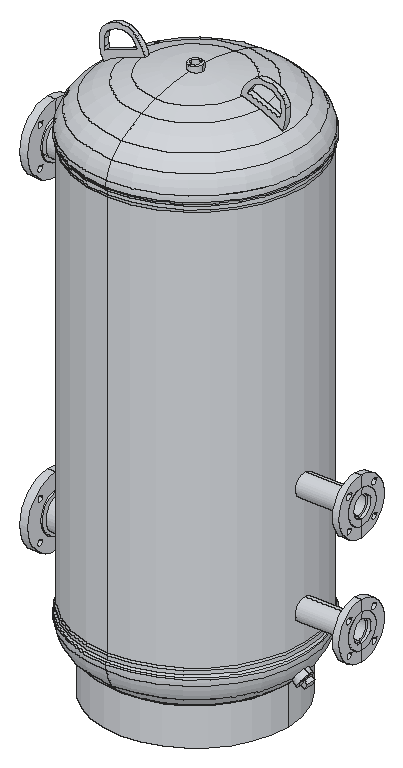
Revit family "HBT-120-23", category Generic Models, Revit 2014
Parameters (values of type "HBT-120-23")
  URL = "http://westank.com/"
  Tank Volume = 120.0 gal
  Part Number = 55641223
  Model = "HBT-120-23"
  Maximum Shipping Weight = 228 lbf
  G = 12"
  B = 3"
  Description = "Wessels ASME 4-port primary-secondary Hot Water Buffer Tanks (HBT) are designed for use with today’s high efficiency systems that incorporate small modular low-mass boilers."
  D = 60"
  C = 24"
  E = 48"
  F = 24"
  A = 2"
Reference planes (in)
  plane 1 "Center (Front/Back)": y = 0
  plane 2: z = 0
  plane 3 "Center (Left/Right)": x = 0
  plane 4: through (12.55282, -180, 5.24135) normal (0.8192, 0, -0.5736)
  plane 5: z = 0
  plane 6: x = -0.0258
  plane 7: x = -12
  plane 8: x = 12
  plane 9: z = 60
  plane 10: z = 12
  plane 11: z = 24
  plane 12: z = 48
Forms (in)
  Revolve 1, solid
    sketch origin (0, -0.02461, 0) x (0, 1, 0) y (0, 0, 1)
      loop
        line (-11.72943, 8.77243) -> (-11.78566, 8.52884) -> (-11.78566, 8.13478)
        arc (-11.78566, 8.13478) -> (-11.81912, 8.00062) -> (-11.91164, 7.89786) r 0.28578
        arc (-11.91164, 7.89786) -> (-11.95692, 7.81968) -> (-11.97558, 7.73128) r 0.28631
        arc (-11.97558, 7.73128) -> (-11.97245, 7.42046) -> (-11.93229, 7.11223) r 2.60351
        arc (-11.93229, 7.11223) -> (-11.64697, 6.20299) -> (-11.16219, 5.38255) r 4.15957
        arc (-11.16219, 5.38255) -> (-10.55779, 4.71313) -> (-9.84784, 4.1569) r 5.25551
        arc (-9.84784, 4.1569) -> (-8.58434, 3.33811) -> (-7.19899, 2.74848) r 8.73435
        arc (-7.19899, 2.74848) -> (-6.25875, 2.4064) -> (-5.29808, 2.12676) r 15.23806
        arc (-5.29808, 2.12676) -> (-2.65772, 1.62908) -> (0.02461, 1.47321) r 20.96361
        line (0.02461, 1.47321) -> (0.02461, 1.61775)
        arc (0.02461, 1.61775) -> (-2.63967, 1.77249) -> (-5.26227, 2.26678) r 20.81908
        arc (-5.26227, 2.26678) -> (-6.21608, 2.54451) -> (-7.14956, 2.88438) r 15.09353
        arc (-7.14956, 2.88438) -> (-8.51704, 3.46602) -> (-9.7638, 4.27464) r 8.58982
        arc (-9.7638, 4.27464) -> (-10.45704, 4.8168) -> (-11.047, 5.46985) r 5.11098
        arc (-11.047, 5.46985) -> (-11.51493, 6.26178) -> (-11.79034, 7.13942) r 4.01504
        arc (-11.79034, 7.13942) -> (-11.82827, 7.43054) -> (-11.83123, 7.72411) r 2.45898
        arc (-11.83123, 7.72411) -> (-11.82458, 7.76052) -> (-11.80874, 7.79397) r 0.14178
        arc (-11.80874, 7.79397) -> (-11.69341, 7.92922) -> (-11.64258, 8.09956) r 0.43032
        line (-11.64258, 8.09956) -> (-11.64258, 8.4958) -> (-11.58634, 8.7394) -> (-11.58634, 52.73382) -> (-11.64258, 52.97741) -> (-11.64258, 53.37366)
        arc (-11.64258, 53.37366) -> (-11.69341, 53.54399) -> (-11.80874, 53.67925) r 0.43032
        arc (-11.80874, 53.67925) -> (-11.82458, 53.7127) -> (-11.83123, 53.7491) r 0.14178
        arc (-11.83123, 53.7491) -> (-11.82827, 54.04267) -> (-11.79034, 54.33379) r 2.45898
        arc (-11.79034, 54.33379) -> (-11.51493, 55.21144) -> (-11.047, 56.00337) r 4.01504
        arc (-11.047, 56.00337) -> (-10.45704, 56.65641) -> (-9.7638, 57.19857) r 5.11098
        arc (-9.7638, 57.19857) -> (-8.51704, 58.00719) -> (-7.14956, 58.58883) r 8.58982
        arc (-7.14956, 58.58883) -> (-6.21608, 58.9287) -> (-5.26227, 59.20643) r 15.09353
        arc (-5.26227, 59.20643) -> (-2.63967, 59.70073) -> (0.02461, 59.85547) r 20.81908
        line (0.02461, 59.85547) -> (0.02461, 60)
        arc (0.02461, 60) -> (-2.65772, 59.84413) -> (-5.29808, 59.34646) r 20.96361
        arc (-5.29808, 59.34646) -> (-6.25875, 59.06681) -> (-7.19899, 58.72473) r 15.23806
        arc (-7.19899, 58.72473) -> (-8.58434, 58.1351) -> (-9.84784, 57.31632) r 8.73435
        arc (-9.84784, 57.31632) -> (-10.55779, 56.76009) -> (-11.16219, 56.09066) r 5.25551
        arc (-11.16219, 56.09066) -> (-11.64697, 55.27022) -> (-11.93229, 54.36098) r 4.15957
        arc (-11.93229, 54.36098) -> (-11.97245, 54.05275) -> (-11.97558, 53.74193) r 2.60351
        arc (-11.97558, 53.74193) -> (-11.95692, 53.65354) -> (-11.91164, 53.57536) r 0.28631
        arc (-11.91164, 53.57536) -> (-11.81912, 53.4726) -> (-11.78566, 53.33843) r 0.28578
        line (-11.78566, 53.33843) -> (-11.78566, 52.94437) -> (-11.72943, 52.70078) -> (-11.72943, 8.77243)
      axis (0.02461, 1.47321) -> (0.02461, 60)
    angle from 0 to 360
  Revolve 2, solid
    sketch origin (-13.31312, 0, -17.60969) x (0.999996, 0, -0.002792) y (0.002792, 0, 0.999996)
      loop
        line (24.95603, 23.79747) -> (24.90436, 23.83351) -> (24.49286, 23.24353) -> (25.10843, 22.81419) -> (25.48438, 23.35322) -> (25.43312, 23.38897) -> (25.55755, 23.56737) -> (25.04492, 23.92491) -> (24.95603, 23.79747)
      axis (24.49286, 23.24353) -> (25.10843, 22.81419)
    angle from 0 to 360
  Extrusion 3, solid
    sketch origin (11.29211, -180, 6.1145) x (0.574357, 0, 0.818605) y (0, -1, 0)
      loop
        line (-0.16036, -179.52645) -> (-0.95521, -179.68698) -> (-0.79485, -180.48095) -> (0, -180.32042) -> (-0.16036, -179.52645)
    from 1.02698 to 1.52678
  Extrusion 4, solid
    sketch origin (0, 0, 0) x (1, 0, 0) y (0, 1, 0)
      loop
        circle (0, 0) r 0.75
      loop
        circle (0, 0) r 0.5
    from 59.84944 to 60.51895
  Extrusion 5, void
    sketch origin (0, 0, 0) x (1, 0, 0) y (0, 1, 0)
      loop
        circle (0, 0) r 0.5
    from 55.71073 to 62.35572
  Revolve 6, solid
    sketch origin (0, 0, 0) x (1, 0, 0) y (0, 0, 1)
      loop
        line (9.87341, 4.12139) -> (9.87341, 0) -> (9.99844, 0) -> (9.99844, 4.12139) -> (9.87341, 4.12139)
      axis (0, 4.12139) -> (0, 0)
    angle from 0 to 360
  Extrusion 7, void
    sketch origin (0, 0, -11.9982) x (0, 1, 0) y (0, 0, 1)
      loop
        circle (2.14269, 26.08378) r 0.37667
      loop
        circle (2.10148, 21.85286) r 0.37667
      loop
        circle (-2.14269, 26.12499) r 0.37667
      loop
        circle (-2.15642, 21.89407) r 0.37667
    from -17.97399 to -13.85365
  Extrusion 8, solid
    sketch origin (-25.94969, -0.08071, 39.84854) x (0.34202, 0, -0.939693) y (0.939693, 0, 0.34202)
      loop
        arc (-11.9298, 25.67102) -> (-12.15596, 25.63246) -> (-12.38023, 25.58408) r 5.2625
        arc (-12.38023, 25.58408) -> (-12.78497, 25.45482) -> (-13.16591, 25.26664) r 2.84116
        arc (-13.16591, 25.26664) -> (-13.45733, 25.04186) -> (-13.68503, 24.75271) r 1.49558
        arc (-13.68503, 24.75271) -> (-13.8, 24.46408) -> (-13.86349, 24.15994) r 1.7957
        arc (-13.86349, 24.15994) -> (-13.88475, 23.80361) -> (-13.86349, 23.44728) r 2.99674
        arc (-13.86349, 23.44728) -> (-13.79114, 23.11862) -> (-13.65649, 22.81019) r 1.72881
        arc (-13.65649, 22.81019) -> (-13.39922, 22.48527) -> (-13.05253, 22.25816) r 1.29608
        arc (-13.05253, 22.25816) -> (-12.66159, 22.07193) -> (-12.239, 21.97739) r 1.9331
        arc (-12.239, 21.97739) -> (-12.08496, 21.94521) -> (-11.9298, 21.91889) r 4.14312
        line (-11.9298, 21.91889) -> (-11.9298, 25.67102)
      loop
        line (-10.9298, 21.34797) -> (-10.9298, 26.14148)
        arc (-10.9298, 26.14148) -> (-11.99706, 26.18465) -> (-13.02719, 25.90227) r 3.48194
        arc (-13.02719, 25.90227) -> (-13.54727, 25.6041) -> (-13.99851, 25.20943) r 3.03185
        arc (-13.99851, 25.20943) -> (-14.28248, 24.55653) -> (-14.39992, 23.8543) r 2.91879
        arc (-14.39992, 23.8543) -> (-14.3348, 23.1787) -> (-14.08611, 22.54717) r 2.44012
        arc (-14.08611, 22.54717) -> (-13.716, 22.08641) -> (-13.21844, 21.76749) r 1.83162
        arc (-13.21844, 21.76749) -> (-12.09799, 21.42749) -> (-10.9298, 21.34797) r 5.1769
    from -0.24366 to 0.25634
  Extrusion 9, solid
    sketch origin (25.94969, -0.08071, 39.84854) x (-0.34202, 0, -0.939693) y (0.939693, 0, -0.34202)
      loop
        line (-11.9298, -25.67102) -> (-11.9298, -21.91889)
        arc (-11.9298, -21.91889) -> (-12.08496, -21.94521) -> (-12.239, -21.97739) r 4.14312
        arc (-12.239, -21.97739) -> (-12.66159, -22.07193) -> (-13.05253, -22.25816) r 1.9331
        arc (-13.05253, -22.25816) -> (-13.39922, -22.48527) -> (-13.65649, -22.81019) r 1.29608
        arc (-13.65649, -22.81019) -> (-13.79114, -23.11862) -> (-13.86349, -23.44728) r 1.72881
        arc (-13.86349, -23.44728) -> (-13.88475, -23.80361) -> (-13.86349, -24.15994) r 2.99674
        arc (-13.86349, -24.15994) -> (-13.8, -24.46408) -> (-13.68503, -24.75271) r 1.7957
        arc (-13.68503, -24.75271) -> (-13.45733, -25.04186) -> (-13.16591, -25.26664) r 1.49558
        arc (-13.16591, -25.26664) -> (-12.78497, -25.45482) -> (-12.38023, -25.58408) r 2.84116
        arc (-12.38023, -25.58408) -> (-12.15596, -25.63246) -> (-11.9298, -25.67102) r 5.2625
      loop
        arc (-10.9298, -21.34797) -> (-12.09799, -21.42749) -> (-13.21844, -21.76749) r 5.1769
        arc (-13.21844, -21.76749) -> (-13.716, -22.08641) -> (-14.08611, -22.54717) r 1.83162
        arc (-14.08611, -22.54717) -> (-14.3348, -23.1787) -> (-14.39992, -23.8543) r 2.44012
        arc (-14.39992, -23.8543) -> (-14.28248, -24.55653) -> (-13.99851, -25.20943) r 2.91879
        arc (-13.99851, -25.20943) -> (-13.54727, -25.6041) -> (-13.02719, -25.90227) r 3.03185
        arc (-13.02719, -25.90227) -> (-11.99706, -26.18465) -> (-10.9298, -26.14148) r 3.48194
        line (-10.9298, -26.14148) -> (-10.9298, -21.34797)
    from -0.24366 to 0.25634
  Revolve 10, solid
    sketch origin (-3.00177, 0, -10.74756) x (-1, 0, 0) y (0, 0, -1)
      loop
        line (11.74708, -20.99906) -> (12.93466, -20.99906) -> (12.93466, -20.24765) -> (12.87216, -20.24765) -> (12.87216, -18.99765) -> (11.99716, -18.99765) -> (11.99716, -20.6226) -> (11.74708, -20.6226) -> (11.74708, -20.99906)
      axis (12.93466, -22.74756) -> (11.74708, -22.74756)
    angle from 0 to 360
  Revolve 11, solid
    sketch origin (-3.60333, 0, -10.77686) x (1, 0, 0) y (0, 0, 1)
      loop
        line (-11.9581, 21.24284) -> (-11.9581, 21.02686) -> (-7.8331, 21.02686) -> (-7.8331, 21.24284) -> (-11.9581, 21.24284)
      axis (-11.9581, 22.77686) -> (-7.8331, 22.77686)
    angle from 0 to 360
  Revolve 12, solid
    sketch origin (-8.07144, 0, -0.71652) x (1, 0, 0) y (0, 0, 1)
      loop
        line (24.99382, 11.53157) -> (24.99382, 10.96875) -> (25.24382, 10.96875) -> (25.24382, 9.71837) -> (25.93132, 9.71837) -> (25.93132, 10.90594) -> (25.99382, 10.90594) -> (25.99382, 11.53157) -> (24.99382, 11.53157)
      axis (25.99382, 12.71652) -> (24.99382, 12.71652)
    angle from 0 to 360
  Revolve 13, solid
    sketch origin (-6.12392, 0, -0.5) x (-1, 0, 0) y (0, 0, -1)
      loop
        line (-17.17131, -11.46847) -> (-17.17131, -11.31445) -> (-23.67131, -11.31445) -> (-23.67131, -11.46847) -> (-17.17131, -11.46847)
      axis (-23.67131, -12.5) -> (-17.17131, -12.5)
    angle from 0 to 360
  Extrusion 14, void
    sketch origin (-0.0516, 0, -36) x (0, 1, 0) y (0, 0, -1)
      loop
        circle (0, -48) r 1.03153
    from -19.33473 to -7.9694
  Extrusion 15, void
    sketch origin (1.9233, 0, -0.99805) x (0, 1, 0) y (0, 0, 1)
      loop
        circle (1.68454, 14.67389) r 0.38273
      loop
        circle (-1.69766, 14.67389) r 0.37635
      loop
        circle (-1.66641, 11.31003) r 0.35289
      loop
        circle (1.70166, 11.31003) r 0.37084
    from 13.49462 to 18.49167
  Extrusion 16, void
    sketch origin (0, 0, 24.05802) x (0, 1, 0) y (0, 0, 1)
      loop
        circle (2.14269, 26.08378) r 0.37667
      loop
        circle (2.10148, 21.85286) r 0.37667
      loop
        circle (-2.14269, 26.12499) r 0.37667
      loop
        circle (-2.15642, 21.89407) r 0.37667
    from -17.97399 to -13.85365
  Revolve 17, solid
    sketch origin (-3.00177, 0, 25.25244) x (-1, 0, 0) y (0, 0, -1)
      loop
        line (11.74708, -20.99906) -> (12.93466, -20.99906) -> (12.93466, -20.24765) -> (12.87216, -20.24765) -> (12.87216, -18.99765) -> (11.99716, -18.99765) -> (11.99716, -20.6226) -> (11.74708, -20.6226) -> (11.74708, -20.99906)
      axis (12.93466, -22.74756) -> (11.74708, -22.74756)
    angle from 0 to 360
  Revolve 18, solid
    sketch origin (-3.60333, 0, 25.22314) x (1, 0, 0) y (0, 0, 1)
      loop
        line (-11.9581, 21.24284) -> (-11.9581, 21.02686) -> (-7.8331, 21.02686) -> (-7.8331, 21.24284) -> (-11.9581, 21.24284)
      axis (-11.9581, 22.77686) -> (-7.8331, 22.77686)
    angle from 0 to 360
  Revolve 19, solid
    sketch origin (-8.07144, 0, 11.28348) x (1, 0, 0) y (0, 0, 1)
      loop
        line (24.99382, 11.53157) -> (24.99382, 10.96875) -> (25.24382, 10.96875) -> (25.24382, 9.71837) -> (25.93132, 9.71837) -> (25.93132, 10.90594) -> (25.99382, 10.90594) -> (25.99382, 11.53157) -> (24.99382, 11.53157)
      axis (25.99382, 12.71652) -> (24.99382, 12.71652)
    angle from 0 to 360
  Revolve 20, solid
    sketch origin (-6.12392, 0, 11.5) x (-1, 0, 0) y (0, 0, -1)
      loop
        line (-17.17131, -11.46847) -> (-17.17131, -11.31445) -> (-23.67131, -11.31445) -> (-23.67131, -11.46847) -> (-17.17131, -11.46847)
      axis (-23.67131, -12.5) -> (-17.17131, -12.5)
    angle from 0 to 360
  Extrusion 21, void
    sketch origin (-0.0516, 0, -24) x (0, 1, 0) y (0, 0, -1)
      loop
        circle (0, -48) r 1.03153
    from -19.33473 to -7.9694
  Extrusion 22, void
    sketch origin (1.9233, 0, 11.00195) x (0, 1, 0) y (0, 0, 1)
      loop
        circle (1.68454, 14.67389) r 0.38273
      loop
        circle (-1.69766, 14.67389) r 0.37635
      loop
        circle (-1.66641, 11.31003) r 0.35289
      loop
        circle (1.70166, 11.31003) r 0.37084
    from 13.49462 to 18.49167
  Extrusion 23, void
    sketch origin (0, 0, 0) x (0, 1, 0) y (0, 0, 1)
      loop
        circle (0, 48) r 1.53402
    from -15.56143 to -9.39298
  Extrusion 24, void
    sketch origin (0, 0, -36) x (0, 1, 0) y (0, 0, 1)
      loop
        circle (0, 48) r 1.53402
    from -15.56143 to -9.39298
Cuts and joins
  joined: Extrusion 3, Extrusion 4, Revolve 6
  Extrusion 5, Extrusion 14, Extrusion 21, Extrusion 23, Extrusion 24 cuts Revolve 1
  Extrusion 14, Extrusion 21 cuts Revolve 13
  Extrusion 15, Extrusion 22 cuts Revolve 12
  Extrusion 7, Extrusion 16 cuts Revolve 10
  Extrusion 16 cuts Revolve 17
  Extrusion 21 cuts Revolve 20
  Extrusion 22 cuts Revolve 19
  Extrusion 24 cuts Revolve 18
Dimensions and locks (in)
  "D": plane 9 to level
  "C": plane 8 to plane 7
  "G": plane 10 to level
  "F": plane 11 to level
  "E": plane 12 to level
  aligned and locked: plane 2 to level
Automatic sketch dimensions
  Revolve 1 sketch curve to Revolve 1 sketch curve = 0"  (x44)
  Revolve 1 sketch curve to plane 1 "Center (Front/Back)" = 0"  (x3)
  plane 1 "Center (Front/Back)" to Revolve 1 sketch curve = 0.12751"  (x2)
  plane 1 "Center (Front/Back)" to Revolve 1 sketch curve = 1.54641"  (x2)
  Revolve 1 sketch curve to plane 10 = 0.94992"
  plane 1 "Center (Front/Back)" to Revolve 1 sketch curve = 4.50842"  (x2)
  plane 12 to Revolve 1 sketch curve = 2.42313"
  Revolve 1 sketch curve to Revolve 1 sketch curve = 2.48973"  (x2)
  Revolve 1 sketch curve to Revolve 1 sketch curve = 0.87346"  (x2)
  Revolve 1 sketch curve to Revolve 1 sketch curve = 1.52828"  (x2)
  plane 12 to Revolve 1 sketch curve = 4.73382"
  Revolve 1 sketch curve to Revolve 1 sketch curve = 2.21106"
  Revolve 1 sketch curve to Revolve 1 sketch curve = 0.05624"  (x2)
  Revolve 1 sketch curve to Revolve 1 sketch curve = 0.04705"  (x2)
  plane 12 to Revolve 1 sketch curve = 4.70078"
  Revolve 1 sketch curve to Revolve 1 sketch curve = 0.14309"  (x3)
  Revolve 1 sketch curve to plane 10 = 3.47116"
  Revolve 1 sketch curve to Revolve 1 sketch curve = 0.28578"  (x2)
  Revolve 1 sketch curve to Revolve 1 sketch curve = 0.03303"  (x3)
  Revolve 1 sketch curve to Revolve 1 sketch curve = 0.36102"
  Revolve 1 sketch curve to Revolve 1 sketch curve = 0.03523"  (x2)
  Revolve 1 sketch curve to Revolve 1 sketch curve = 0.20471"
  Revolve 1 sketch curve to Revolve 1 sketch curve = 0.38248"  (x2)
  Revolve 1 sketch curve to Revolve 1 sketch curve = 0.29277"  (x2)
  level to Revolve 1 sketch curve = 1.61775"
  Revolve 1 sketch curve to Revolve 1 sketch curve = 37/256"
  Revolve 1 sketch curve to Revolve 1 sketch curve = 0.66192"  (x2)
  Revolve 1 sketch curve to Revolve 1 sketch curve = 0.24359"  (x2)
  plane 10 to Revolve 1 sketch curve = 4.88948"
  Revolve 1 sketch curve to plane 11 = 1.56356"
  Revolve 1 sketch curve to plane 12 = 8.96323"
  Revolve 1 sketch curve to plane 12 = 3.41627"
  Revolve 1 sketch curve to Revolve 1 sketch curve = 2.49332"
  Revolve 1 sketch curve to Revolve 1 sketch curve = 0.39406"
  Revolve 1 sketch curve to plane 9 = 37/256"
  plane 9 to Revolve 1 sketch curve = 0"
  Revolve 1 sketch curve to Revolve 1 sketch curve = 1.88729"
  Revolve 1 sketch curve to plane 9 = 1.41117"
  Revolve 1 sketch curve to Revolve 1 sketch curve = 0.04943"  (x2)
  Revolve 1 sketch curve to Revolve 1 sketch curve = 2.61424"
  Revolve 1 sketch curve to plane 9 = 2.80143"
  Revolve 1 sketch curve to Revolve 1 sketch curve = 0.08403"  (x2)
  Revolve 1 sketch curve to Revolve 1 sketch curve = 0.02249"  (x2)
  Revolve 1 sketch curve to Revolve 1 sketch curve = 0.1029"  (x2)
  plane 11 to Revolve 1 sketch curve = 4.89308"
  Revolve 1 sketch curve to Revolve 1 sketch curve = 3 3/4"
  Revolve 2 sketch curve to plane 8 = 0.75545"
  Revolve 2 sketch curve to plane 4 = 1.2575"
  Revolve 2 sketch curve to Revolve 2 sketch curve = 0.4115"
  Revolve 2 sketch curve to Revolve 2 sketch curve = 0.05167"
  Revolve 2 sketch curve to Revolve 2 sketch curve = 0.08888"
  Revolve 2 sketch curve to Revolve 2 sketch curve = 0.61556"
  Revolve 2 sketch curve to Revolve 2 sketch curve = 0.47709"
  Revolve 2 sketch curve to Revolve 2 sketch curve = 0.05126"
  Revolve 2 sketch curve to Revolve 2 sketch curve = 0.42934"
  Revolve 2 sketch curve to Revolve 2 sketch curve = 0.12768"
  Revolve 2 sketch curve to Revolve 2 sketch curve = 0"  (x2)
  Revolve 2 sketch curve to Revolve 2 sketch curve = 0.08905"
  plane 1 "Center (Front/Back)" to Extrusion 3 sketch curve = 0.31302"
  Extrusion 3 sketch curve to plane 1 "Center (Front/Back)" = 0.48095"
  Extrusion 3 sketch curve to Extrusion 3 sketch curve = 0.16036"  (x2)
  plane 1 "Center (Front/Back)" to Extrusion 3 sketch curve = 0.47355"
  Extrusion 3 sketch curve to Extrusion 3 sketch curve = 0.79485"
  Extrusion 3 sketch curve to plane 1 "Center (Front/Back)" = 0.32042"
  Extrusion 4 sketch curve to Extrusion 4 sketch curve = 0"  (x2)
  plane 1 "Center (Front/Back)" to Extrusion 4 sketch curve = 0"
  Extrusion 4 sketch curve to plane 3 "Center (Left/Right)" = 0"
  Extrusion 5 sketch curve to Extrusion 5 sketch curve = 0"  (x2)
  plane 1 "Center (Front/Back)" to Extrusion 5 sketch curve = 0"
  Extrusion 5 sketch curve to plane 3 "Center (Left/Right)" = 0"
  plane 6 to Extrusion 5 sketch curve = 0.4742"
  Revolve 6 sketch curve to plane 3 "Center (Left/Right)" = 0"
  Revolve 6 sketch curve to level = 0"
  Revolve 6 sketch curve to plane 8 = 2.12659"
  Revolve 6 sketch curve to Revolve 6 sketch curve = 0.12503"
  level to Revolve 6 sketch curve = 4.12139"
  level to Revolve 6 sketch curve = 4.69941"
  Revolve 6 sketch curve to Revolve 6 sketch curve = 1"
  plane 1 "Center (Front/Back)" to Extrusion 7 sketch curve = 2.15642"
  plane 1 "Center (Front/Back)" to Extrusion 7 sketch curve = 2.14269"
  Extrusion 7 sketch curve to plane 1 "Center (Front/Back)" = 2.10148"
  Extrusion 7 sketch curve to plane 1 "Center (Front/Back)" = 2.14269"
  Extrusion 7 sketch curve to plane 10 = 2.14533"
  Extrusion 7 sketch curve to plane 10 = 2.10413"
  plane 10 to Extrusion 7 sketch curve = 2.08559"
  plane 10 to Extrusion 7 sketch curve = 2.12679"
  Extrusion 8 sketch curve to plane 9 = 0.3644"
  plane 7 to Extrusion 8 sketch curve = 3.79479"
  Extrusion 8 sketch curve to Extrusion 8 sketch curve = 0.03301"
  Extrusion 8 sketch curve to Extrusion 8 sketch curve = 0.08665"
  Extrusion 8 sketch curve to Extrusion 8 sketch curve = 0.34483"
  Extrusion 8 sketch curve to Extrusion 8 sketch curve = 17/256"
  Extrusion 8 sketch curve to Extrusion 8 sketch curve = 0.04958"
  Extrusion 8 sketch curve to Extrusion 8 sketch curve = 0.06885"
  Extrusion 8 sketch curve to Extrusion 8 sketch curve = 0.15073"
  Extrusion 8 sketch curve to Extrusion 8 sketch curve = 0.36028"
  Extrusion 8 sketch curve to Extrusion 8 sketch curve = 0.06601"
  Extrusion 8 sketch curve to Extrusion 8 sketch curve = 0.11815"
  Extrusion 8 sketch curve to Extrusion 8 sketch curve = 0.47821"
  Extrusion 8 sketch curve to Extrusion 8 sketch curve = 0.6151"
  Extrusion 8 sketch curve to Extrusion 8 sketch curve = 0.15011"
  Extrusion 8 sketch curve to Extrusion 8 sketch curve = 0.77126"
  Extrusion 8 sketch curve to Extrusion 8 sketch curve = 0.3849"
  Extrusion 8 sketch curve to Extrusion 8 sketch curve = 0.59588"
  Extrusion 8 sketch curve to Extrusion 8 sketch curve = 0.3061"
  Extrusion 8 sketch curve to Extrusion 8 sketch curve = 0.31529"
  Extrusion 8 sketch curve to Extrusion 8 sketch curve = 0.0954"
  Extrusion 8 sketch curve to Extrusion 8 sketch curve = 0.80625"
  Extrusion 8 sketch curve to Extrusion 8 sketch curve = 0.57092"
  Extrusion 8 sketch curve to Extrusion 8 sketch curve = 0.88262"
  Extrusion 8 sketch curve to Extrusion 8 sketch curve = 0.00686"
  Extrusion 8 sketch curve to Extrusion 8 sketch curve = 0.20406"
  Extrusion 8 sketch curve to Extrusion 8 sketch curve = 0.59172"
  Extrusion 8 sketch curve to Extrusion 8 sketch curve = 0.09548"
  Extrusion 8 sketch curve to Extrusion 8 sketch curve = 0.07607"
  Extrusion 8 sketch curve to Extrusion 8 sketch curve = 0.15093"
  Extrusion 8 sketch curve to Extrusion 8 sketch curve = 0.04716"
  Extrusion 8 sketch curve to Extrusion 8 sketch curve = 0.0326"
  Extrusion 8 sketch curve to Extrusion 8 sketch curve = 1.7246"
  Extrusion 8 sketch curve to Extrusion 8 sketch curve = 0.34507"
  Extrusion 8 sketch curve to Extrusion 8 sketch curve = 0.12538"
  Extrusion 8 sketch curve to Extrusion 8 sketch curve = 0.37807"
  Extrusion 8 sketch curve to Extrusion 8 sketch curve = 0"  (x6)
  Extrusion 8 sketch curve to Extrusion 8 sketch curve = 0.1659"
  Extrusion 8 sketch curve to Extrusion 8 sketch curve = 0.13872"
  Extrusion 8 sketch curve to Extrusion 8 sketch curve = 0.42962"
  Extrusion 8 sketch curve to Extrusion 8 sketch curve = 0.51913"
  Extrusion 8 sketch curve to Extrusion 8 sketch curve = 0.31348"
  Extrusion 9 sketch curve to plane 9 = 0.3644"
  Extrusion 9 sketch curve to plane 8 = 3.79479"
  Extrusion 9 sketch curve to Extrusion 9 sketch curve = 0.03301"
  Extrusion 9 sketch curve to Extrusion 9 sketch curve = 0.08665"
  Extrusion 9 sketch curve to Extrusion 9 sketch curve = 0.34483"
  Extrusion 9 sketch curve to Extrusion 9 sketch curve = 17/256"
  Extrusion 9 sketch curve to Extrusion 9 sketch curve = 0.04958"
  Extrusion 9 sketch curve to Extrusion 9 sketch curve = 0.06885"
  Extrusion 9 sketch curve to Extrusion 9 sketch curve = 0.15073"
  Extrusion 9 sketch curve to Extrusion 9 sketch curve = 0.36028"
  Extrusion 9 sketch curve to Extrusion 9 sketch curve = 0.06601"
  Extrusion 9 sketch curve to Extrusion 9 sketch curve = 0.11815"
  Extrusion 9 sketch curve to Extrusion 9 sketch curve = 0.47821"
  Extrusion 9 sketch curve to Extrusion 9 sketch curve = 0.6151"
  Extrusion 9 sketch curve to Extrusion 9 sketch curve = 0.15011"
  Extrusion 9 sketch curve to Extrusion 9 sketch curve = 0.77126"
  Extrusion 9 sketch curve to Extrusion 9 sketch curve = 0.3849"
  Extrusion 9 sketch curve to Extrusion 9 sketch curve = 0.59588"
  Extrusion 9 sketch curve to Extrusion 9 sketch curve = 0.00686"
  Extrusion 9 sketch curve to Extrusion 9 sketch curve = 0.20406"
  Extrusion 9 sketch curve to Extrusion 9 sketch curve = 0.0747"
  Extrusion 9 sketch curve to Extrusion 9 sketch curve = 0.09548"
  Extrusion 9 sketch curve to Extrusion 9 sketch curve = 0.07607"
  Extrusion 9 sketch curve to Extrusion 9 sketch curve = 0.15093"
  Extrusion 9 sketch curve to Extrusion 9 sketch curve = 0.04716"
  Extrusion 9 sketch curve to Extrusion 9 sketch curve = 0.0326"
  Extrusion 9 sketch curve to Extrusion 9 sketch curve = 1.7246"
  Extrusion 9 sketch curve to Extrusion 9 sketch curve = 0.34507"
  Extrusion 9 sketch curve to Extrusion 9 sketch curve = 0.12538"
  Extrusion 9 sketch curve to Extrusion 9 sketch curve = 0.37807"
  Extrusion 9 sketch curve to Extrusion 9 sketch curve = 0.51702"
  Extrusion 9 sketch curve to Extrusion 9 sketch curve = 0.31529"
  Extrusion 9 sketch curve to Extrusion 9 sketch curve = 0.0954"
  Extrusion 9 sketch curve to Extrusion 9 sketch curve = 0.80625"
  Extrusion 9 sketch curve to Extrusion 9 sketch curve = 0.57092"
  Extrusion 9 sketch curve to Extrusion 9 sketch curve = 0.88262"
  Extrusion 9 sketch curve to Extrusion 9 sketch curve = 0"  (x6)
  Extrusion 9 sketch curve to Extrusion 9 sketch curve = 0.1659"
  Extrusion 9 sketch curve to Extrusion 9 sketch curve = 0.13872"
  Extrusion 9 sketch curve to Extrusion 9 sketch curve = 0.42962"
  Extrusion 9 sketch curve to Extrusion 9 sketch curve = 0.51913"
  Extrusion 9 sketch curve to Extrusion 9 sketch curve = 0.31348"
  Revolve 10 sketch curve to plane 10 = 0"
  Revolve 10 sketch curve to plane 7 = 2.74885"
  Revolve 10 sketch curve to Revolve 10 sketch curve = 0.25008"
  Revolve 10 sketch curve to Revolve 10 sketch curve = 7/8"
  Revolve 10 sketch curve to Revolve 10 sketch curve = 1/16"
  Revolve 10 sketch curve to plane 10 = 1.7485"
  Revolve 10 sketch curve to Revolve 10 sketch curve = 0.37647"
  Revolve 10 sketch curve to Revolve 10 sketch curve = 0.75141"
  Revolve 10 sketch curve to Revolve 10 sketch curve = 1 1/4"
  plane 7 to Revolve 10 sketch curve = 0.56357"
  Revolve 10 sketch curve to Revolve 10 sketch curve = 0.68278"
  Revolve 11 sketch curve to plane 10 = 0"
  Revolve 11 sketch curve to plane 10 = 1 3/4"
  Revolve 11 sketch curve to plane 7 = 3.56143"
  plane 7 to Revolve 11 sketch curve = 0.56357"  (x2)
  Revolve 11 sketch curve to Revolve 11 sketch curve = 0.21598"
  Revolve 11 sketch curve to Revolve 11 sketch curve = 0.36015"
  Revolve 12 sketch curve to plane 10 = 0"
  Revolve 12 sketch curve to plane 10 = 1.74777"
  plane 8 to Revolve 12 sketch curve = 4.92238"
  Revolve 12 sketch curve to Revolve 12 sketch curve = 1/4"
  Revolve 12 sketch curve to Revolve 12 sketch curve = 11/16"
  Revolve 12 sketch curve to Revolve 12 sketch curve = 1/16"
  Revolve 12 sketch curve to Revolve 12 sketch curve = 0.06281"
  Revolve 12 sketch curve to Revolve 12 sketch curve = 1.25038"
  Revolve 12 sketch curve to Revolve 12 sketch curve = 0.62563"
  Revolve 12 sketch curve to plane 8 = 0.95262"
  plane 3 "Center (Left/Right)" to Revolve 12 sketch curve = 3.79738"
  Revolve 13 sketch curve to plane 10 = 0"
  Revolve 13 sketch curve to plane 10 = 1.03153"
  plane 8 to Revolve 13 sketch curve = 5.54738"
  Revolve 13 sketch curve to plane 8 = 0.95262"
  Revolve 13 sketch curve to Revolve 13 sketch curve = 0.15401"
  Revolve 13 sketch curve to Revolve 13 sketch curve = 1/4"
  Revolve 13 sketch curve to Revolve 13 sketch curve = 3/4"
  Extrusion 14 sketch curve to Extrusion 14 sketch curve = 0"  (x2)
  Extrusion 14 sketch curve to plane 1 "Center (Front/Back)" = 0"
  Extrusion 14 sketch curve to plane 10 = 0"
  plane 10 to Extrusion 14 sketch curve = 1.03153"
  plane 1 "Center (Front/Back)" to Extrusion 15 sketch curve = 1.69766"
  plane 1 "Center (Front/Back)" to Extrusion 15 sketch curve = 1.66641"
  Extrusion 15 sketch curve to plane 1 "Center (Front/Back)" = 1.68454"
  Extrusion 15 sketch curve to plane 1 "Center (Front/Back)" = 1.70166"
  Extrusion 15 sketch curve to plane 10 = 1.68801"  (x2)
  plane 10 to Extrusion 15 sketch curve = 1.67584"  (x2)
  plane 1 "Center (Front/Back)" to Extrusion 16 sketch curve = 2.15642"
  plane 1 "Center (Front/Back)" to Extrusion 16 sketch curve = 2.14269"
  Extrusion 16 sketch curve to plane 1 "Center (Front/Back)" = 2.10148"
  Extrusion 16 sketch curve to plane 1 "Center (Front/Back)" = 2.14269"
  Extrusion 16 sketch curve to plane 12 = 2.08912"
  Extrusion 16 sketch curve to plane 12 = 2.04791"
  plane 12 to Extrusion 16 sketch curve = 2.14181"
  plane 12 to Extrusion 16 sketch curve = 2.18301"
  Revolve 17 sketch curve to plane 12 = 0"
  Revolve 17 sketch curve to plane 7 = 2.74885"
  Revolve 17 sketch curve to Revolve 17 sketch curve = 0.25008"
  Revolve 17 sketch curve to Revolve 17 sketch curve = 7/8"
  Revolve 17 sketch curve to Revolve 17 sketch curve = 1/16"
  Revolve 17 sketch curve to plane 12 = 1.7485"
  Revolve 17 sketch curve to Revolve 17 sketch curve = 0.37647"
  Revolve 17 sketch curve to Revolve 17 sketch curve = 0.75141"
  Revolve 17 sketch curve to Revolve 17 sketch curve = 1 1/4"
  plane 7 to Revolve 17 sketch curve = 0.56357"
  Revolve 17 sketch curve to Revolve 17 sketch curve = 0.68278"
  Revolve 18 sketch curve to plane 12 = 0"
  Revolve 18 sketch curve to plane 12 = 1 3/4"
  Revolve 18 sketch curve to plane 7 = 3.56143"
  plane 7 to Revolve 18 sketch curve = 0.56357"  (x2)
  Revolve 18 sketch curve to Revolve 18 sketch curve = 0.21598"
  Revolve 18 sketch curve to Revolve 18 sketch curve = 0.36015"
  Revolve 19 sketch curve to plane 11 = 0"
  Revolve 19 sketch curve to plane 11 = 1.74777"
  plane 8 to Revolve 19 sketch curve = 4.92238"
  Revolve 19 sketch curve to Revolve 19 sketch curve = 1/4"
  Revolve 19 sketch curve to Revolve 19 sketch curve = 11/16"
  Revolve 19 sketch curve to Revolve 19 sketch curve = 1/16"
  Revolve 19 sketch curve to Revolve 19 sketch curve = 0.06281"
  Revolve 19 sketch curve to Revolve 19 sketch curve = 1.25038"
  Revolve 19 sketch curve to Revolve 19 sketch curve = 0.62563"
  Revolve 19 sketch curve to plane 8 = 0.95262"
  plane 3 "Center (Left/Right)" to Revolve 19 sketch curve = 3.79738"
  Revolve 20 sketch curve to plane 11 = 0"
  Revolve 20 sketch curve to plane 11 = 1.03153"
  plane 8 to Revolve 20 sketch curve = 5.54738"
  Revolve 20 sketch curve to plane 8 = 0.95262"
  Revolve 20 sketch curve to Revolve 20 sketch curve = 0.15401"
  Revolve 20 sketch curve to Revolve 20 sketch curve = 1/4"
  Revolve 20 sketch curve to Revolve 20 sketch curve = 3/4"
  Extrusion 21 sketch curve to Extrusion 21 sketch curve = 0"  (x2)
  Extrusion 21 sketch curve to plane 1 "Center (Front/Back)" = 0"
  Extrusion 21 sketch curve to plane 11 = 0"
  plane 11 to Extrusion 21 sketch curve = 1.03153"
  plane 1 "Center (Front/Back)" to Extrusion 22 sketch curve = 1.69766"
  plane 1 "Center (Front/Back)" to Extrusion 22 sketch curve = 1.66641"
  Extrusion 22 sketch curve to plane 1 "Center (Front/Back)" = 1.68454"
  Extrusion 22 sketch curve to plane 1 "Center (Front/Back)" = 1.70166"
  Extrusion 22 sketch curve to plane 11 = 1.68801"  (x2)
  plane 11 to Extrusion 22 sketch curve = 1.67584"  (x2)
  Extrusion 23 sketch curve to Extrusion 23 sketch curve = 0"  (x2)
  Extrusion 23 sketch curve to plane 1 "Center (Front/Back)" = 0"
  Extrusion 23 sketch curve to plane 12 = 0"
  Extrusion 23 sketch curve to Extrusion 23 sketch curve = 1.53402"
  Extrusion 24 sketch curve to Extrusion 24 sketch curve = 0"  (x2)
  Extrusion 24 sketch curve to plane 1 "Center (Front/Back)" = 0"
  Extrusion 24 sketch curve to plane 10 = 0"
  Extrusion 24 sketch curve to Extrusion 24 sketch curve = 1.53402"
  radius of Extrusion 4 sketch curve = 3/4"
  radius of Extrusion 4 sketch curve = 1/2"
  radius of Extrusion 7 sketch curve = 0.37667"  (x4)
  radius of Extrusion 15 sketch curve = 0.38273"
  radius of Extrusion 15 sketch curve = 0.37635"
  radius of Extrusion 15 sketch curve = 0.35289"
  radius of Extrusion 15 sketch curve = 0.37084"
  radius of Extrusion 16 sketch curve = 0.37667"  (x4)
  radius of Extrusion 22 sketch curve = 0.38273"
  radius of Extrusion 22 sketch curve = 0.37635"
  radius of Extrusion 22 sketch curve = 0.35289"
  radius of Extrusion 22 sketch curve = 0.37084"
Connectors (in)
  piping at (-15.93643, 0, 48), diameter 3, driven by "B"
    settings: on Revolve 17, index 1, connector inside diameter 24", connector length 0", flow factor 0, pipe flow 0 GPM, pressure drop 0.00 psi, fitting loss kfactor 0, connector angle 0.00°, fixture units 0, engagement length 0", angle of deflection 0.00°, flow configuration 0, flow direction 0, fitting loss method 0, system type 7, joint type 0, gender type 0, connector reference index -1, connector utility 0, adjustable connector no, is connector primary yes, connector description ""
  piping at (-15.93643, 0, 12), diameter 3, driven by "B"
    settings: on Revolve 10, index 2, connector inside diameter 24", connector length 0", flow factor 0, pipe flow 0 GPM, pressure drop 0.00 psi, fitting loss kfactor 0, connector angle 0.00°, fixture units 0, engagement length 0", angle of deflection 0.00°, flow configuration 0, flow direction 0, fitting loss method 0, system type 7, joint type 0, gender type 0, connector reference index -1, connector utility 0, adjustable connector no, is connector primary no, connector description ""
  piping at (17.92238, 0, 12), diameter 2, driven by "A"
    settings: on Revolve 12, index 3, connector inside diameter 24", connector length 0", flow factor 0, pipe flow 0 GPM, pressure drop 0.00 psi, fitting loss kfactor 0, connector angle 0.00°, fixture units 0, engagement length 0", angle of deflection 0.00°, flow configuration 0, flow direction 0, fitting loss method 0, system type 7, joint type 0, gender type 0, connector reference index -1, connector utility 0, adjustable connector no, is connector primary no, connector description ""
  piping at (17.92238, 0, 24), diameter 2, driven by "A"
    settings: on Revolve 19, index 4, connector inside diameter 24", connector length 0", flow factor 0, pipe flow 0 GPM, pressure drop 0.00 psi, fitting loss kfactor 0, connector angle 0.00°, fixture units 0, engagement length 0", angle of deflection 0.00°, flow configuration 0, flow direction 0, fitting loss method 0, system type 7, joint type 0, gender type 0, connector reference index -1, connector utility 0, adjustable connector no, is connector primary no, connector description ""
